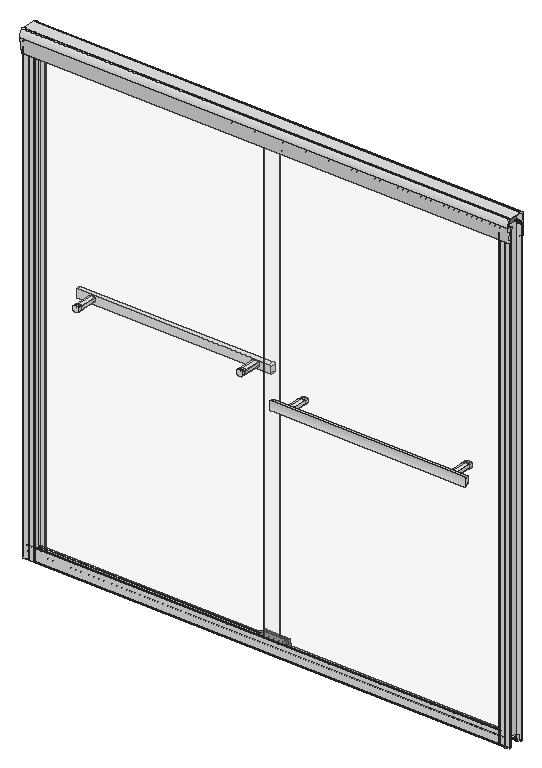
Revit family "Shower-Shower_Door-KOHLER-Gradient-K-709062_1", category Specialty Equipment, host Face, Revit 2021 (continued)
Definition of nested family "K-709062"
  Automatic sketch dimensions
    Masking region 3 sketch curve to plane 27 = 0.02338"
    Masking region 3 sketch curve to plane 27 = 0.01811"
    Masking region 3 sketch curve to plane 27 = 0.01806"
    plane 27 to Masking region 3 sketch curve = 0.03456"  (x2)
    plane 27 to Masking region 3 sketch curve = 9/256"  (x2)
    plane 27 to Masking region 3 sketch curve = 0.03543"  (x2)
    Masking region 3 sketch curve to Masking region 3 sketch curve = 0.02858"
    Masking region 3 sketch curve to Masking region 3 sketch curve = 0.02887"
    Masking region 3 sketch curve to plane 1 "Center (Front/Back)" = 0.01"
    Masking region 3 sketch curve to Masking region 3 sketch curve = 0.06999"  (x2)
    plane 27 to Masking region 3 sketch curve = 0.14682"
    Masking region 3 sketch curve to Masking region 3 sketch curve = 0.08315"
    Masking region 3 sketch curve to Masking region 3 sketch curve = 0.06617"
    Masking region 3 sketch curve to Masking region 3 sketch curve = 0.06585"
    Masking region 3 sketch curve to plane 4 = 0.17719"
    Masking region 3 sketch curve to Masking region 3 sketch curve = 0.01069"
    Masking region 3 sketch curve to plane 4 = 0.12103"
    Masking region 3 sketch curve to Masking region 3 sketch curve = 0.00427"
    Masking region 3 sketch curve to plane 4 = 0.09714"
    Masking region 3 sketch curve to plane 4 = 0.03345"
    plane 4 to Masking region 3 sketch curve = 0.03151"
    Masking region 3 sketch curve to Masking region 3 sketch curve = 0.04054"
    plane 4 to Masking region 3 sketch curve = 0.09763"
    Masking region 3 sketch curve to Masking region 3 sketch curve = 0.07301"
    Masking region 3 sketch curve to plane 25 = 0.46045"  (x2)
    Masking region 3 sketch curve to plane 1 "Center (Front/Back)" = 1.48378"
    Masking region 3 sketch curve to Masking region 3 sketch curve = 0.06278"
    Masking region 3 sketch curve to Masking region 3 sketch curve = 0.00072"
    Masking region 3 sketch curve to Masking region 3 sketch curve = 0.01424"
    Masking region 3 sketch curve to Masking region 3 sketch curve = 0.00016"
    Masking region 3 sketch curve to Masking region 3 sketch curve = 0.03051"
    Masking region 3 sketch curve to Masking region 3 sketch curve = 0.0491"
    Masking region 3 sketch curve to Masking region 3 sketch curve = 0.0043"
    Masking region 3 sketch curve to Masking region 3 sketch curve = 0.05874"
    Masking region 3 sketch curve to Masking region 3 sketch curve = 0.05362"
    Masking region 3 sketch curve to Masking region 3 sketch curve = 0.05508"
    Masking region 3 sketch curve to Masking region 3 sketch curve = 0.02684"
    Masking region 3 sketch curve to Masking region 3 sketch curve = 0.0422"
    Masking region 3 sketch curve to Masking region 3 sketch curve = 0.00324"
    Masking region 3 sketch curve to Masking region 3 sketch curve = 0.01528"
    Masking region 3 sketch curve to Masking region 3 sketch curve = 0.02089"
    Masking region 3 sketch curve to Masking region 3 sketch curve = 0.11193"
    Masking region 3 sketch curve to Masking region 3 sketch curve = 0.0454"
    Masking region 3 sketch curve to Masking region 3 sketch curve = 0.0984"
    Masking region 3 sketch curve to Masking region 3 sketch curve = 0.02213"
    Masking region 3 sketch curve to Masking region 3 sketch curve = 27/256"
    Masking region 3 sketch curve to Masking region 3 sketch curve = 0.00758"
    Masking region 3 sketch curve to Masking region 3 sketch curve = 0.01071"
    Masking region 3 sketch curve to Masking region 3 sketch curve = 0.02546"
    Masking region 3 sketch curve to Masking region 3 sketch curve = 0.12"
    Masking region 3 sketch curve to Masking region 3 sketch curve = 0.01097"
    Masking region 3 sketch curve to Masking region 3 sketch curve = 0.02021"  (x2)
    Masking region 3 sketch curve to Masking region 3 sketch curve = 0.15118"
    Masking region 3 sketch curve to Masking region 3 sketch curve = 0.00858"
    Masking region 3 sketch curve to Masking region 3 sketch curve = 0.01188"
    Masking region 3 sketch curve to Masking region 3 sketch curve = 0.01442"
    Masking region 3 sketch curve to Masking region 3 sketch curve = 0.02474"
    Masking region 3 sketch curve to Masking region 3 sketch curve = 0.00055"
    Masking region 3 sketch curve to Masking region 3 sketch curve = 0.10459"  (x2)
    Masking region 3 sketch curve to Masking region 3 sketch curve = 0.01519"  (x2)
    Masking region 3 sketch curve to Masking region 3 sketch curve = 0.13425"
    Masking region 3 sketch curve to Masking region 3 sketch curve = 0.04"  (x2)
    Masking region 3 sketch curve to Masking region 3 sketch curve = 0.00918"
    Masking region 3 sketch curve to Masking region 3 sketch curve = 0.02605"
    Masking region 3 sketch curve to Masking region 3 sketch curve = 0.23338"
    Masking region 3 sketch curve to Masking region 3 sketch curve = 0.14154"
    plane 1 "Center (Front/Back)" to Masking region 3 sketch curve = 0.09874"
    plane 1 "Center (Front/Back)" to Masking region 3 sketch curve = 0.16142"
    Masking region 3 sketch curve to Masking region 3 sketch curve = 0.0122"
    Masking region 3 sketch curve to Masking region 3 sketch curve = 0.1338"
    Masking region 3 sketch curve to Masking region 3 sketch curve = 0.05822"
    Masking region 3 sketch curve to Masking region 3 sketch curve = 1/128"
    Masking region 3 sketch curve to Masking region 3 sketch curve = 0.00295"
    Masking region 3 sketch curve to Masking region 3 sketch curve = 0.00475"
    Masking region 3 sketch curve to Masking region 3 sketch curve = 0.02479"
    Masking region 3 sketch curve to Masking region 3 sketch curve = 0.02268"
    Masking region 3 sketch curve to Masking region 3 sketch curve = 0.00479"
    Masking region 3 sketch curve to Masking region 3 sketch curve = 0.00239"
    Masking region 3 sketch curve to Masking region 3 sketch curve = 0.00114"
    Masking region 3 sketch curve to Masking region 3 sketch curve = 0.00677"
    Masking region 3 sketch curve to Masking region 3 sketch curve = 0.00548"
    Masking region 3 sketch curve to Masking region 3 sketch curve = 0.04841"
    Masking region 3 sketch curve to Masking region 3 sketch curve = 0.12061"
    Masking region 3 sketch curve to Masking region 3 sketch curve = 0.12443"
    Masking region 3 sketch curve to Masking region 3 sketch curve = 0.00301"
    plane 1 "Center (Front/Back)" to Masking region 3 sketch curve = 0.29851"
    Masking region 3 sketch curve to Masking region 3 sketch curve = 0.03357"
    Masking region 3 sketch curve to Masking region 3 sketch curve = 0.00233"
    Masking region 3 sketch curve to Masking region 3 sketch curve = 0.00824"
    Masking region 3 sketch curve to Masking region 3 sketch curve = 0.04337"
    Masking region 3 sketch curve to Masking region 3 sketch curve = 0.04168"
    Masking region 3 sketch curve to Masking region 3 sketch curve = 0.01497"
    Masking region 3 sketch curve to Masking region 3 sketch curve = 0.1116"
    Masking region 3 sketch curve to Masking region 3 sketch curve = 0.22634"
    Masking region 3 sketch curve to Masking region 3 sketch curve = 0.03478"
    Masking region 3 sketch curve to Masking region 3 sketch curve = 0.06729"
    Masking region 3 sketch curve to Masking region 3 sketch curve = 0.00244"
    Masking region 3 sketch curve to Masking region 3 sketch curve = 0.11611"
    Masking region 3 sketch curve to Masking region 3 sketch curve = 0.00692"
    Masking region 3 sketch curve to Masking region 3 sketch curve = 0.03164"
    Masking region 3 sketch curve to Masking region 3 sketch curve = 0.02515"
    plane 1 "Center (Front/Back)" to Masking region 3 sketch curve = 0.46912"  (x2)
    Masking region 3 sketch curve to Masking region 3 sketch curve = 0.00099"
    Masking region 3 sketch curve to Masking region 3 sketch curve = 0.02414"
    Masking region 3 sketch curve to Masking region 3 sketch curve = 0.09093"
    Masking region 3 sketch curve to Masking region 3 sketch curve = 0.08019"
    Masking region 3 sketch curve to Masking region 3 sketch curve = 0.20325"
    Masking region 3 sketch curve to Masking region 3 sketch curve = 0.03829"
    Masking region 3 sketch curve to Masking region 3 sketch curve = 0.02882"
    plane 24 to Masking region 3 sketch curve = 0.47028"
    plane 24 to Masking region 3 sketch curve = 0.47019"
    Masking region 3 sketch curve to plane 24 = 4.21866"
    Masking region 3 sketch curve to Masking region 3 sketch curve = 2.5937"
    plane 1 "Center (Front/Back)" to Masking region 3 sketch curve = 0.28857"
    Masking region 3 sketch curve to Masking region 3 sketch curve = 0.01651"
    plane 1 "Center (Front/Back)" to Masking region 3 sketch curve = 0.28855"
    Masking region 3 sketch curve to Masking region 3 sketch curve = 0.0221"
    Masking region 3 sketch curve to Masking region 3 sketch curve = 0.02926"
    Masking region 3 sketch curve to Masking region 3 sketch curve = 0.01898"
    curve 11 to plane 25 = 0"
    curve 12 to plane 25 = 0"
    curve 5 to plane 24 = 0"
    curve 7 to plane 6 = 0"
    curve 8 to plane 6 = 0"
    curve 10 to plane 6 = 0"
    curve 9 to plane 6 = 0.00369"
    plane 24 to curve 6 = 0.00336"
    plane 18 to curve 6 = 0.07923"
    plane 12 to curve 3 = 0.355"
    plane 12 to curve 2 = 0.355"
    curve 3 to plane 12 = 0.355"
    curve 2 to plane 12 = 0.355"
    plane 11 to curve 4 = 0.355"
    plane 11 to curve 1 = 0.355"
    curve 4 to plane 11 = 0.355"
    curve 1 to plane 11 = 0.355"
    curve 5 to plane 17 = 0.0401"
    curve 5 to plane 17 = 0.04117"
    plane 16 to curve 12 = 0.04002"
    plane 22 to curve 13 = 0.355"
    plane 22 to curve 121 = 0.355"
    curve 121 to plane 22 = 0.355"
    curve 13 to plane 22 = 0.355"
    plane 21 to curve 14 = 0.355"
    plane 21 to curve 122 = 0.355"
    curve 14 to plane 21 = 0.355"
    curve 122 to plane 21 = 0.355"
    curve 11 to plane 15 = 0.0401"
    plane 3 "Center (Left/Right)" to curve 7 = 0.00062"
    plane 3 "Center (Left/Right)" to curve 10 = 0.00062"
    plane 3 "Center (Left/Right)" to curve 8 = 0.00062"
    plane 3 "Center (Left/Right)" to curve 9 = 0.00062"
    plane 24 to curve 2 = 0.47019"
    curve 6 to curve 6 = 0.46683"
    plane 24 to curve 1 = 0.47019"
    plane 24 to curve 5 = 0.47019"
    plane 1 "Center (Front/Back)" to curve 4 = 0.8593"
    plane 1 "Center (Front/Back)" to curve 3 = 0.8593"
    plane 1 "Center (Front/Back)" to curve 7 = 0.55881"
    curve 7 to curve 8 = 0.22823"
    curve 10 to plane 1 "Center (Front/Back)" = 1.23281"
    curve 10 to curve 9 = 0.13653"
    curve 14 to plane 1 "Center (Front/Back)" = 1.48378"
    curve 13 to plane 1 "Center (Front/Back)" = 1.48378"
    curve 12 to plane 25 = 0.46045"
    curve 11 to curve 11 = 0.46045"
    curve 121 to plane 25 = 0.46045"
    curve 122 to plane 25 = 0.46045"
    plane 23 to curve 115 = 0"
    plane 23 to curve 90 = 0"
    curve 106 to plane 28 = 0"
    curve 58 to plane 28 = 0"
    curve 77 to plane 14 = 0"
    curve 59 to plane 23 = 0.00137"
    curve 60 to plane 23 = 0.02334"
    plane 34 to curve 86 = 0.16605"
    curve 61 to curve 86 = 0.48199"
    plane 34 to curve 87 = 0.16881"
    curve 86 to curve 87 = 0.07908"
    plane 34 to curve 85 = 0.25185"
    curve 86 to curve 85 = 0.03189"
    plane 36 to curve 114 = 0.06122"
    curve 114 to plane 23 = 0.66791"
    plane 36 to curve 113 = 0.10344"
    curve 85 to curve 113 = 0.59918"
    curve 113 to curve 112 = 0.14381"
    plane 35 to curve 120 = 0.34587"
    curve 112 to curve 120 = 3.09051"
    plane 5 to curve 118 = 0.35943"
    curve 123 to plane 5 = 0.39355"
    plane 35 to curve 119 = 0.34678"
    curve 119 to plane 28 = 1.63227"
    plane 28 to curve 70 = 0.05415"
    curve 70 to curve 72 = 0.03152"
    curve 92 to plane 36 = 0.0033"
    plane 14 to curve 92 = 0.0587"
    curve 73 to plane 34 = 0.00187"
    plane 14 to curve 73 = 0.06278"
    plane 36 to curve 93 = 0.02177"
    curve 92 to curve 93 = 0.09479"
    plane 34 to curve 74 = 0.02218"
    curve 75 to curve 74 = 0.09421"
    curve 74 to curve 75 = 0.07818"
    curve 75 to curve 78 = 0.05772"
    curve 94 to plane 27 = 0.15038"
    curve 59 to curve 56 = 0.01059"
    curve 61 to curve 61 = 0.00535"
    plane 34 to curve 72 = 0.33412"
    curve 71 to curve 72 = 0.01974"
    plane 34 to curve 78 = 0.17589"
    curve 78 to curve 75 = 0.01601"
    plane 34 to curve 76 = 0.04805"
    plane 35 to curve 118 = 0.345"
    curve 113 to curve 112 = 0.09"
    plane 36 to curve 94 = 0.20625"
    plane 36 to curve 115 = 0.2537"
    plane 24 to curve 123 = 0.47029"
    curve 58 to plane 23 = 0.00033"
    curve 84 to plane 23 = 0.00426"
    curve 81 to curve 84 = 0"
    curve 55 to curve 60 = 0.00473"
    curve 55 to curve 57 = 0.00185"
    curve 60 to curve 86 = 0.108"
    curve 60 to curve 55 = 0"
    curve 86 to curve 57 = 0"
    plane 36 to curve 87 = 0.17355"
    curve 87 to curve 85 = 0.03087"
    curve 85 to curve 114 = 0.03836"
    curve 113 to curve 113 = 0.08902"
    plane 36 to curve 113 = 0.06122"
    curve 112 to curve 112 = 0.02498"
    curve 112 to curve 112 = 0.01546"
    plane 5 to curve 126 = 0.3854"
    plane 24 to curve 124 = 0.03882"
    plane 5 to curve 124 = 0.35981"
    curve 126 to curve 109 = 0.0604"
    plane 5 to curve 107 = 0.325"
    curve 124 to curve 108 = 0.03481"
    curve 108 to curve 116 = 0.09048"
    curve 109 to curve 111 = 0.11822"
    curve 110 to plane 5 = 0.23452"
    curve 117 to plane 5 = 0.23452"
    curve 110 to curve 109 = 0.09048"
    curve 117 to curve 107 = 0.09048"
    curve 125 to plane 25 = 0.03909"
    curve 125 to plane 5 = 0.36097"
    curve 72 to curve 72 = 0.00464"
    plane 28 to curve 106 = 0.05902"
    curve 97 to plane 26 = 0.07729"
    curve 80 to plane 14 = 0.05404"
    curve 76 to plane 14 = 0.00355"
    curve 80 to plane 14 = 0.0034"
    curve 82 to plane 14 = 0.00299"
    curve 83 to plane 14 = 0.00257"
    curve 91 to plane 14 = 0"
    curve 97 to plane 14 = 0"
    curve 90 to plane 14 = 0"
    curve 89 to plane 14 = 0"
    curve 89 to curve 88 = 0"
    curve 96 to plane 14 = 0"
    plane 14 to curve 78 = 0.05374"
    plane 14 to curve 78 = 0.05456"
    curve 79 to curve 75 = 0.05875"
    curve 93 to curve 95 = 0.02479"
    curve 65 to plane 27 = 0.06424"
    curve 99 to plane 27 = 0.06424"
    curve 67 to plane 27 = 0.02453"
    curve 65 to plane 27 = 0.02453"
    curve 102 to plane 27 = 0.02197"
    curve 103 to plane 27 = 0.01811"
    curve 66 to plane 27 = 0.01806"
    curve 104 to plane 27 = 0.01806"
    plane 27 to curve 63 = 9/256"
    plane 27 to curve 101 = 9/256"
    plane 27 to curve 69 = 0.03543"
    plane 27 to curve 98 = 0.03543"
    curve 101 to curve 100 = 0.02887"
    curve 69 to curve 68 = 0.02858"
    curve 63 to curve 64 = 0.02887"
    curve 98 to curve 99 = 0.02858"
    curve 65 to curve 78 = 0.10911"
    curve 79 to curve 75 = 0.12511"
    curve 62 to curve 65 = 0.05508"
    curve 58 to curve 70 = 0.00137"
    curve 71 to curve 58 = 0.03025"
    curve 125 to curve 125 = 0.42136"
    curve 110 to curve 125 = 0"
    curve 126 to curve 109 = 0"
    curve 126 to plane 25 = 0.03557"
    curve 55 to curve 60 = 0.00117"
    curve 55 to curve 57 = 0.00054"
    curve 78 to curve 75 = 0.04756"
    plane 34 to curve 63 = 0.055"
    curve 79 to curve 74 = 0.00182"
    curve 63 to curve 64 = 0.02021"
    curve 68 to plane 34 = 0.06981"
    curve 68 to curve 69 = 0.01519"
    plane 33 to curve 66 = 0.065"
    curve 66 to curve 67 = 0.02605"
    curve 62 to plane 33 = 0.06795"
    plane 35 to curve 105 = 0.0698"
    curve 104 to plane 35 = 0.03895"
    curve 104 to curve 103 = 0.02605"
    plane 1 "Center (Front/Back)" to curve 98 = 0.03"
    curve 98 to curve 99 = 0.01519"
    plane 36 to curve 100 = 0.03479"
    curve 95 to curve 93 = 0.00042"
    curve 100 to curve 101 = 0.02021"
    curve 94 to curve 102 = 0.07875"
    curve 89 to curve 95 = 0.00444"
    curve 115 to curve 90 = 0.02542"
    curve 102 to curve 105 = 0.05232"
    plane 36 to curve 106 = 0.35412"
    plane 36 to curve 116 = 0.35412"
    curve 108 to curve 117 = 0.00002"
    curve 124 to curve 108 = 0"
    plane 24 to curve 123 = 0.03309"
    Extrusion 27 sketch curve to plane 28 = 0"  (x2)
    plane 14 to Extrusion 27 sketch curve = 0.23681"
    plane 36 to Extrusion 27 sketch curve = 0.7443"
    plane 36 to Extrusion 27 sketch curve = 0.43431"
    plane 36 to Extrusion 27 sketch curve = 0.05"
    plane 34 to Extrusion 27 sketch curve = 0.05"
    Extrusion 27 sketch curve to Extrusion 27 sketch curve = 0.42963"
    Extrusion 27 sketch curve to plane 29 = 0.07936"
    plane 36 to Extrusion 27 sketch curve = 0.66048"
    Extrusion 27 sketch curve to plane 4 = 0.00412"
    plane 3 "Center (Left/Right)" to Extrusion 29 sketch curve = 0.04984"  (x2)
    plane 34 to Extrusion 29 sketch curve = 0.25167"  (x2)
    Extrusion 29 sketch curve to Extrusion 29 sketch curve = 0.61653"
    Extrusion 29 sketch curve to Extrusion 29 sketch curve = 0.07831"
    Extrusion 29 sketch curve to Extrusion 29 sketch curve = 0.66444"
    Extrusion 29 sketch curve to Extrusion 29 sketch curve = 0.66493"
    plane 36 to Extrusion 29 sketch curve = 0.24977"
    Extrusion 29 sketch curve to Extrusion 29 sketch curve = 0"
    Extrusion 29 sketch curve to Extrusion 29 sketch curve = 0.11456"
    Extrusion 29 sketch curve to Extrusion 29 sketch curve = 0.10219"
    Extrusion 30 sketch curve to plane 7 = 0"
    Extrusion 30 sketch curve to plane 6 = 0.02461"  (x2)
    plane 10 to Extrusion 30 sketch curve = 0.21261"
    Extrusion 30 sketch curve to Extrusion 30 sketch curve = 0.10568"
    plane 36 to Extrusion 30 sketch curve = 0.22461"
    plane 34 to Extrusion 30 sketch curve = 0.25167"
    Extrusion 30 sketch curve to Extrusion 30 sketch curve = 0.00264"
    Extrusion 30 sketch curve to Extrusion 30 sketch curve = 0.10824"
    plane 7 to Extrusion 30 sketch curve = 0"
    Extrusion 30 sketch curve to Extrusion 30 sketch curve = 0.12884"
    Extrusion 30 sketch curve to Extrusion 30 sketch curve = 0"
    Extrusion 28 sketch curve to level = 0"  (x2)
    plane 37 to Extrusion 28 sketch curve = 0.04478"
    plane 36 to Extrusion 28 sketch curve = 0.31516"
    plane 36 to Extrusion 28 sketch curve = 0.12833"
    plane 36 to Extrusion 28 sketch curve = 0.03433"
    plane 34 to Extrusion 28 sketch curve = 0.14038"
    Extrusion 28 sketch curve to Extrusion 28 sketch curve = 0.17281"
    Extrusion 28 sketch curve to plane 23 = 0.48736"
    Extrusion 28 sketch curve to Extrusion 28 sketch curve = 0.11782"
    radius of Extrusion 24 sketch curve = 0.11811"  (x2)
    radius of Extrusion 25 sketch curve = 0.11811"  (x2)
    radius of curve 118 = 0.09351"
    radius of curve 119 = 0.09436"
    radius of curve 120 = 0.09377"
Types (7): name | Type | Secondary Finish | Product Page URL | Product Documentation Link | Model | Finish | Description
  (no name) | 3 | Kohler-Glass-L-Crystal_Clear | "http://www.us.kohler.com/us/catalog/productDetails.jsp?productNumber=709062-L" | "https://www.us.kohler.com/webassets/kpna/catalog/pdf/en/K-709062-L_spec_US-CA_Kohler_en.pdf" | "K-709062-L-SHP" | Kohler-Metal-SHP-Bright_Polished_Silver | "Sliding Bath Door, 58-1/16 Inch H x 56-5/8 - 59-5/8 Inch W, With 1/4 Inch Thick Crystal Clear Glass"
  Crystal Clear Glass, SHP-Bright Polished Silver | 3 | Kohler-Glass-L-Crystal_Clear | "http://www.us.kohler.com/us/catalog/productDetails.jsp?productNumber=709062-L" | "https://www.us.kohler.com/webassets/kpna/catalog/pdf/en/K-709062-L_spec_US-CA_Kohler_en.pdf" | "K-709062-L-SHP" | Kohler-Metal-SHP-Bright_Polished_Silver | "Sliding Bath Door, 58-1/16 Inch H x 56-5/8 - 59-5/8 Inch W, With 1/4 Inch Thick Crystal Clear Glass"
  Frosted Glass, SHP-Bright Polished Silver | 6 | KOHLER-Frosted_Glass | "http://www.us.kohler.com/us/catalog/productDetails.jsp?productNumber=709062-D3" | "https://www.us.kohler.com/webassets/kpna/catalog/pdf/en/K-709062-D3_spec_US-CA_Kohler_en.pdf" | "K-709062-D3-SHP" | Kohler-Metal-SHP-Bright_Polished_Silver | "Sliding Bath Door, 58-1/16 Inch H x 56-5/8 - 59-5/8 Inch W, With 1/4 Inch Thick Frosted Glass"
  Crystal Clear Glass, ABZ-Anodized Dark Bronze | 1 | Kohler-Glass-L-Crystal_Clear | "http://www.us.kohler.com/us/catalog/productDetails.jsp?productNumber=709062-L" | "https://www.us.kohler.com/webassets/kpna/catalog/pdf/en/K-709062-L_spec_US-CA_Kohler_en.pdf" | "K-709062-L-ABZ" | Kohler-Metal-ABZ-Anodized_Dark_Bronze | "Sliding Bath Door, 58-1/16 Inch H x 56-5/8 - 59-5/8 Inch W, With 1/4 Inch Thick Crystal Clear Glass"
  Crystal Clear Glass, MX-Matte Nickel | 2 | Kohler-Glass-L-Crystal_Clear | "http://www.us.kohler.com/us/catalog/productDetails.jsp?productNumber=709062-L" | "https://www.us.kohler.com/webassets/kpna/catalog/pdf/en/K-709062-L_spec_US-CA_Kohler_en.pdf" | "K-709062-L-MX" | Kohler-Metal-MX-Matte_Nickel | "Sliding Bath Door, 58-1/16 Inch H x 56-5/8 - 59-5/8 Inch W, With 1/4 Inch Thick Crystal Clear Glass"
  Frosted Glass, ABZ-Anodized Dark Bronze | 4 | KOHLER-Frosted_Glass | "http://www.us.kohler.com/us/catalog/productDetails.jsp?productNumber=709062-D3" | "https://www.us.kohler.com/webassets/kpna/catalog/pdf/en/K-709062-D3_spec_US-CA_Kohler_en.pdf" | "K-709062-D3-ABZ" | Kohler-Metal-ABZ-Anodized_Dark_Bronze | "Sliding Bath Door, 58-1/16 Inch H x 56-5/8 - 59-5/8 Inch W, With 1/4 Inch Thick Frosted Glass"
  Frosted Glass, MX-Matte Nickel | 5 | KOHLER-Frosted_Glass | "http://www.us.kohler.com/us/catalog/productDetails.jsp?productNumber=709062-D3" | "https://www.us.kohler.com/webassets/kpna/catalog/pdf/en/K-709062-D3_spec_US-CA_Kohler_en.pdf" | "K-709062-D3-MX" | Kohler-Metal-MX-Matte_Nickel | "Sliding Bath Door, 58-1/16 Inch H x 56-5/8 - 59-5/8 Inch W, With 1/4 Inch Thick Frosted Glass"
